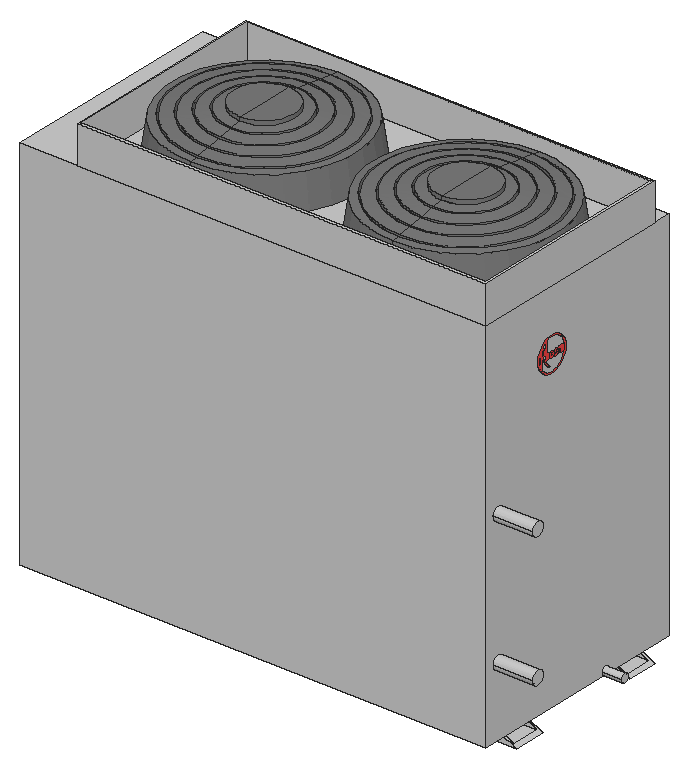
Revit family "Heat Pump-Rheem-A2W-16kW-Vertical", category Mechanical Equipment, Revit 2020
Family settings
  Round Connector Dimension = Use Radius
  Part Type = Normal
  OmniClass Number = 23.75.10.21
  OmniClass Title = Heat Pumps
  Work Plane-Based = No
  Always vertical = Yes
  Cut with Voids When Loaded = No
  Shared = No
  Room Calculation Point = No
Parameters (values of type "95201600")
  calcRightFanOffset = if(Show Fan Frame, 256 mm, 255 mm)  # 256 mm
  calcLeftFanOffset = if(Show Fan Frame, 280 mm, 281 mm)  # 280 mm
  calcFanGuardDepth = if(Show Fan Frame, 117 mm, 27 mm)  # 117 mm
  Width_ANZRS = 565 mm  # constant formula
  Wattage_ANZRS = 16 kW  # constant formula
  Voltage_ANZRS = 230 V
  URL = "https://www.rheem.com.au/products/commercial/commercial-heat-pumps"
  Type Comments = ""
  SupportInsetSide = 68 mm  # constant formula
  Show Fan Frame = yes
  ProductCode_ANZRS = "95201600"
  PowerFactor_ANZRS = 1
  PipeInsetSide = 35 mm  # constant formula
  OutletPipeDiameter = 32 mm  # constant formula
  calcOutletPipeRad = if(1 = 1, OutletPipeDiameter / 2, 0 mm)  # 16 mm
  Model = "Rheem Commercial Air to Water Heat Pump – 16kW Vertical Discharge & Ducted"
  Material_ANZRS = Rheem-Steel-Grey
  Manufacturer = "Rheem"  # constant formula
  Length_ANZRS = 1155 mm  # constant formula
  InletPipeDiameter = 32 mm  # constant formula
  calcInletPipeRadius = if(1 = 1, InletPipeDiameter / 2, 0 mm)  # 16 mm
  Height_ANZRS = if(Show Fan Frame, 1102 mm, 1011 mm)  # 1102 mm
  Description = "Rheem's Commercial Air to Water (A2W) Heat Pump is designed with the commercial user in mind. A truly commercial grade heat pump that delivers hot water at 65°C with a system Coefficient of Performance (COP) up to 4.0. Ducted models are designed to be connected to ducting to convey cold discharge air away from the heat pump air inlet if a sufficient supply of heat energy is not available in the installation area."
  Default Elevation = 0 mm
  CreatedBy_ANZRS = "Design Content"  # constant formula
  CreatedByURL_ANZRS = "https://www.designcontent.com.au/"
  Assembly Code = ""
  ApparentLoad_ANZRS = Wattage_ANZRS  # 16 kW
Types (2, lengths in mm): name | calcRightFanOffset | calcLeftFanOffset | calcFanGuardDepth | Show Fan Frame | ProductCode_ANZRS | Model | Height_ANZRS | Description
  95301600 | 255 | 281 | 27 | no | "95301600" | "Rheem Commercial Air to Water Heat Pump – 16kW Vertical Discharge & Non Ducted" | 1011 | "Rheem's Commercial Air to Water (A2W) Heat Pump is designed with the commercial user in mind. A truly commercial grade heat pump that delivers hot water at 65°C with a system Coefficient of Performance (COP) up to 4.0. Non ducted models are generally designed for outdoor installations. Non ducted models may be installed indoors, without ducting, if a sufficient supply of heat energy is available."
  95201600 | 256 | 280 | 117 | yes | "95201600" | "Rheem Commercial Air to Water Heat Pump – 16kW Vertical Discharge & Ducted" | 1102 | "Rheem's Commercial Air to Water (A2W) Heat Pump is designed with the commercial user in mind. A truly commercial grade heat pump that delivers hot water at 65°C with a system Coefficient of Performance (COP) up to 4.0. Ducted models are designed to be connected to ducting to convey cold discharge air away from the heat pump air inlet if a sufficient supply of heat energy is not available in the installation area."
Reference planes
  plane 1 "Center (Front/Back)": y = 0
  plane 2: z = 0
  plane 3 "Center (Left/Right)": x = 0
  plane 4 "Back": y = 282.5
  plane 5 "Front": y = -282.5
  plane 6 "Left": x = -577.5
  plane 7 "Right": x = 577.5
  plane 8: z = 49
  plane 9 "HEIGHT": z = 984
  plane 10 "Inlet": z = 223.5
  plane 11 "Outlet": z = 553.5
  plane 12: y = 280.5
  plane 13: x = 524.5
  plane 14: x = -472.5
  plane 15: x = 677.5
  plane 16 "Pipe Connectors": y = -247.5
  plane 17: x = -434.5
  plane 18: y = -214.5
  plane 19: y = 214.5
  plane 20 "CompAccess1": y = 143.5
  plane 21 "CompAccess2": y = -228.5
  plane 22: z = 24.5
  plane 23: x = 627.5
  plane 24: x = 598.5
  plane 25: z = 1078
Forms (mm)
  Extrusion 1, solid, material "Rheem-Steel-Grey" <- "Material_ANZRS", detail levels medium+fine
    sketch origin (0, 0, 0) x (1, 0, 0) y (0, 1, 0)
      loop
        line (-577.5, 280.5) -> (-577.5, -282.5) -> (577.5, -282.5) -> (577.5, 280.5) -> (-577.5, 280.5)
    from 49 to 984
  Extrusion 2, solid, material "Rheem-Steel-Grey" <- "Material_ANZRS", detail levels medium+fine
    sketch origin (0, 0, 0) x (1, 0, 0) y (0, 0, 1)
      loop
        line (-577.5, 984) -> (-577.5, 49) -> (-14.281, 49) -> (577.5, 49) -> (577.5, 984) -> (-577.5, 984)
      loop
        line (-472.5, 69) -> (6, 69) -> (6, 964) -> (-472.5, 964) -> (-472.5, 69)
      loop
        line (524.5, 964) -> (46, 964) -> (46, 69) -> (524.5, 69) -> (524.5, 964)
    from -282.5 to -280.5
  Extrusion 3, solid, material "Rheem-Steel-Grey" <- "Material_ANZRS"
    sketch origin (0, 111.908, 381.979) x (0, -1, 0) y (0, 0, 1)
      loop
        circle (359.408, -158.479) r 16
      loop
        circle (359.408, 171.521) r 16
    from -577.5 to -677.5
  Extrusion 4, solid, material "Rheem-Steel-Grey" <- "Material_ANZRS", visible <- "Show Fan Frame"
    sketch origin (0, -623.5, 984) x (-1, 0, 0) y (0, -1, 0)
      loop
        line (434.5, -862) -> (434.5, -341) -> (-577.5, -341) -> (-577.5, -862) -> (434.5, -862)
      loop
        line (429.5, -857) -> (429.5, -346) -> (-572.5, -346) -> (-572.5, -857) -> (429.5, -857)
    from 0 to 94
  Extrusion 5, solid, material "Rheem-Steel-Grey" <- "Material_ANZRS", detail levels medium+fine
    sketch origin (0, 0, 0) x (1, 0, 0) y (0, 0, 1)
      loop
        line (-577.5, 5) -> (-602.5, 5) -> (-602.5, 0) -> (-572.5, 0) -> (-572.5, 19.5) -> (-502.5, 19.5) -> (-502.5, 0) -> (-472.5, 0) -> (-472.5, 5) -> (-497.5, 5) -> (-497.5, 24.5) -> (-577.5, 24.5) -> (-577.5, 5)
    from -214.5 to 214.5
  Extrusion 6, solid, material "Rheem-Steel-Grey-Perforated", detail levels medium+fine
    sketch origin (-575, 357.5, 0) x (1, 0, 0) y (0, 0, -1)
      loop
        line (1099.5, -964) -> (1099.5, -69) -> (621, -69) -> (621, -964) -> (1099.5, -964)
      loop
        line (102.5, -69) -> (102.5, -964) -> (581, -964) -> (581, -69) -> (102.5, -69)
    from -77 to -75
  Extrusion 7, solid, material "Rheem-Steel-Grey" <- "Material_ANZRS"
    sketch origin (577.5, 0, 0) x (0, -1, 0) y (0, 0, -1)
      loop
        circle (-84.5, -59) r 10
    from 0 to 50
  Extrusion 8, solid, detail levels medium+fine
    sketch origin (-577.5, 0, 0) x (0, -1, 0) y (0, 0, 1)
      loop
        circle (255.5, 703.5) r 15
      loop
        circle (255.5, 653.5) r 15
      loop
        circle (255.5, 603.5) r 15
      loop
        circle (255.5, 553.5) r 15
    from 0 to 5
  Extrusion 9, solid, material "Rheem-Steel-Grey" <- "Material_ANZRS", detail levels coarse
    sketch origin (0, 0, 984) x (-1, 0, 0) y (0, -1, 0)
      loop
        line (577.5, -282.5) -> (577.5, 282.5) -> (-577.5, 282.5) -> (-577.5, -282.5) -> (577.5, -282.5)
    from -984 to 0
  Extrusion 10, solid, material "Rheem-Steel-Grey" <- "Material_ANZRS", detail levels medium+fine
    sketch origin (0, 0, 0) x (0, 1, 0) y (0, 0, 1)
      loop
        line (239.5, 49) -> (209.5, 49) -> (209.5, 29.5) -> (139.481, 29.5) -> (139.481, 49) -> (109.395, 49) -> (109.395, 44) -> (134.395, 44) -> (134.395, 24.5) -> (214.5, 24.5) -> (214.5, 44) -> (239.5, 44) -> (239.5, 49)
      loop
        line (-109.395, 49) -> (-139.395, 49) -> (-139.395, 29.5) -> (-209.414, 29.5) -> (-209.414, 49) -> (-239.5, 49) -> (-239.5, 44) -> (-214.5, 44) -> (-214.5, 24.5) -> (-134.395, 24.5) -> (-134.395, 44) -> (-109.395, 44) -> (-109.395, 49)
    from -577.5 to 598.5
  Extrusion 11, void
    sketch origin (0, 0, 0) x (1, 0, 0) y (0, 0, 1)
      loop
        line (-577.5, 24.5) -> (-524.96, 49) -> (-577.5, 49) -> (-577.5, 24.5)
      loop
        line (598.5, 24.5) -> (598.5, 49) -> (545.96, 49) -> (598.5, 24.5)
    from -239.5 to 239.5
Cuts and joins
  Extrusion 11 cuts Extrusion 1
  Extrusion 11 cuts Extrusion 2
  joined: Extrusion 1, Extrusion 2
  Extrusion 11 cuts Extrusion 10
Lines and regions (mm)
  Split face 1
    outline origin (-577.5, 280.5, 984) x (0, 1, 0) y (0, 0, -1)
      loop
        line (-137, 1) -> (-137, 934) -> (-509, 934) -> (-509, 1) -> (-137, 1)
  Split face 2
    outline origin (577.5, 280.5, 49) x (0, 1, 0) y (0, 0, 1)
      loop
        line (-497, 934) -> (-497, 1) -> (-225, 1) -> (-225, 934) -> (-497, 934)
  model lines, style "Heat Pumps", detail levels medium+fine
    curve 1: line (-340, -282.5, 849) -> (340, -282.5, 849)
    curve 2: line (-340, -282.5, 599) -> (340, -282.5, 599)
    curve 3: line (-340, -282.5, 184) -> (340, -282.5, 184)
    curve 4: line (-340, -282.5, 434) -> (340, -282.5, 434)
    curve 5: line (-420, -282.5, 769) -> (-420, -282.5, 679)
    curve 6: line (420, -282.5, 769) -> (420, -282.5, 679)
    curve 7: line (-420, -282.5, 354) -> (-420, -282.5, 264)
    curve 8: line (420, -282.5, 354) -> (420, -282.5, 264)
    curve 9: arc (-420, -282.5, 769) -> (-396.569, -282.5, 825.569) -> (-340, -282.5, 849) r 80
    curve 10: arc (-420, -282.5, 679) -> (-396.569, -282.5, 622.431) -> (-340, -282.5, 599) r 80
    curve 11: arc (340, -282.5, 599) -> (396.569, -282.5, 622.431) -> (420, -282.5, 679) r 80
    curve 12: arc (420, -282.5, 769) -> (396.569, -282.5, 825.569) -> (340, -282.5, 849) r 80
    curve 13: arc (340, -282.5, 434) -> (396.569, -282.5, 410.569) -> (420, -282.5, 354) r 80
    curve 14: arc (420, -282.5, 264) -> (396.569, -282.5, 207.431) -> (340, -282.5, 184) r 80
    curve 15: arc (-340, -282.5, 184) -> (-396.569, -282.5, 207.431) -> (-420, -282.5, 264) r 80
    curve 16: arc (-420, -282.5, 354) -> (-396.569, -282.5, 410.569) -> (-340, -282.5, 434) r 80
Dimensions and locks
  equal spacing: plane 6 "Left", plane 3 "Center (Left/Right)", plane 7 "Right"
  equal spacing: plane 4 "Back", plane 1 "Center (Front/Back)", plane 5 "Front"
  "Width_ANZRS": plane 4 "Back" to plane 5 "Front"
  "Length_ANZRS": plane 6 "Left" to plane 7 "Right"
  locked: plane 10 "Inlet" to plane 22 at 199
  locked: plane 11 "Outlet" to plane 10 "Inlet" at 330
  locked: plane 4 "Back" to plane 12 at 2
  locked: plane 8 to Extrusion 2 sketch curve at 20
  locked: Extrusion 2 sketch curve to plane 9 "HEIGHT" at 20
  locked: plane 15 to plane 7 "Right" at 100
  plane 17 to plane 7 "Right" = 1012 mm
  locked: plane 7 "Right" to Extrusion 4 sketch curve at 5
  locked: Extrusion 4 sketch curve to plane 17 at 5
  "PipeInsetSide": plane 5 "Front" to plane 16 "Pipe Connectors"
  Extrusion 5 sketch curve to plane 6 "Left" to Extrusion 5 sketch curve to Extrusion 5 sketch curve to Extrusion 5 sketch curve to Extrusion 5 sketch curve = 25 mm locked, 5 mm locked, 70 mm locked, 5 mm locked, 25 mm locked
  Extrusion 5 sketch curve to Extrusion 5 sketch curve to plane 2 = 0 mm locked, 5 mm locked
  "SupportInsetSide": plane 5 "Front" to plane 18
  "SupportInsetSide": plane 19 to plane 4 "Back"
  locked: plane 9 "HEIGHT" to Split face 1 sketch curve at 1
  locked: Split face 1 sketch curve to plane 8 at 1
  equal spacing: plane 20 "CompAccess1", nested 1, plane 21 "CompAccess2"
  plane 20 "CompAccess1" to plane 21 "CompAccess2" to plane 5 "Front" = 372 mm locked, 54 mm locked
  locked: plane 13 to plane 7 "Right" at 53
  locked: plane 6 "Left" to plane 14 at 105
  locked: plane 9 "HEIGHT" to plane 8 at 935
  equal spacing: plane 8, plane 22, plane 2
  locked: plane 22 to Extrusion 5 sketch curve at 5
  locked: plane 5 "Front" to Split face 2 sketch curve at 66
  locked: Split face 2 sketch curve to plane 4 "Back" at 227
  locked: plane 9 "HEIGHT" to Split face 2 sketch curve at 1
  locked: Split face 2 sketch curve to plane 8 at 1
  locked: Extrusion 7 sketch curve to plane 8 at 10
  equal spacing: plane 15, plane 23, plane 7 "Right"
  equal spacing: plane 21 "CompAccess2", Extrusion 8 sketch curve, plane 5 "Front"
  locked: plane 9 "HEIGHT" to nested 1 at 150
  locked: plane 8 to Extrusion 10 sketch curve at 5  (x2)
  locked: Extrusion 10 sketch curve to plane 22 at 5  (x2)
  Extrusion 10 sketch curve to plane 19 to Extrusion 10 sketch curve to Extrusion 10 sketch curve to Extrusion 10 sketch curve to Extrusion 10 sketch curve = 25 mm locked, 5 mm locked, 70.019 mm locked, 5.086 mm locked, 25 mm locked
  Extrusion 10 sketch curve to Extrusion 10 sketch curve to Extrusion 10 sketch curve to Extrusion 10 sketch curve to Extrusion 10 sketch curve to Extrusion 10 sketch curve = 25 mm locked, 5 mm locked, 70.019 mm locked, 5.086 mm locked, 25 mm locked
  locked: plane 6 "Left" to plane 24 at 1176
  plane 9 "HEIGHT" to nested 2 = 150 mm
  equal spacing: Split face 2, nested 2, Split face 2, locked at 136 each
  locked: Extrusion 4 sketch curve to Extrusion 4 sketch curve at 5  (x2)
  nested 3 to nested 4 to plane 7 "Right" = 500 mm locked, 258 mm locked
  equal spacing: Extrusion 4, nested 3, Extrusion 4
  locked: plane 25 to plane 9 "HEIGHT" at 94
  locked: Extrusion 7 sketch curve to plane 4 "Back" at 198
  "calcOutletPipeRad": radius of Extrusion 3 sketch curve
  "calcInletPipeRadius": radius of Extrusion 3 sketch curve
  aligned and locked: level to plane 2
  aligned and locked: Extrusion 1 sketch curve to plane 6 "Left"
  aligned and locked: Extrusion 1 sketch curve to plane 7 "Right"
  aligned and locked: plane 9 "HEIGHT" to Extrusion 1
  aligned and locked: Extrusion 1 to plane 8
  aligned and locked: plane 5 "Front" to Extrusion 1
  aligned and locked: Extrusion 1 sketch curve to plane 12
  aligned and locked: cut or joined group of Extrusion 1, Extrusion 2, Extrusion 11 to plane 12
  aligned and locked: plane 4 "Back" to cut or joined group of Extrusion 1, Extrusion 2, Extrusion 11
  aligned and locked: Extrusion 2 sketch curve to plane 13
  aligned and locked: plane 14 to Extrusion 2 sketch curve
  aligned and locked: Extrusion 4 sketch curve to plane 17
  aligned and locked: plane 7 "Right" to Extrusion 4 sketch curve
  aligned and locked: Extrusion 3 to plane 7 "Right"
  aligned and locked: Extrusion 5 sketch curve to plane 6 "Left"
  aligned and locked: plane 2 to Extrusion 5 sketch curve  (x2)
  aligned and locked: Extrusion 5 to plane 18
  aligned and locked: plane 19 to Extrusion 5
  aligned and locked: Split face 1 sketch curve to plane 21 "CompAccess2"
  aligned and locked: Split face 1 sketch curve to plane 20 "CompAccess1"
  aligned and locked: plane 11 "Outlet" to Extrusion 3 sketch curve
  aligned and locked: plane 16 "Pipe Connectors" to Extrusion 3 sketch curve  (x2)
  aligned and locked: plane 10 "Inlet" to Extrusion 3 sketch curve
  aligned and locked: Extrusion 6 to plane 13
  aligned and locked: plane 14 to Extrusion 6
  aligned and locked: Extrusion 6 to plane 12
  aligned and locked: plane 4 "Back" to Extrusion 6
  aligned and locked: cut or joined group of Extrusion 1, Extrusion 2, Extrusion 11 to Extrusion 6
  aligned and locked: Extrusion 6 to cut or joined group of Extrusion 1, Extrusion 2, Extrusion 11
  aligned and locked: Extrusion 2 sketch curve to Extrusion 6  (x2)
  aligned and locked: Extrusion 5 sketch curve to plane 22
  aligned and locked: Extrusion 7 to cut or joined group of Extrusion 1, Extrusion 2, Extrusion 11
  aligned and locked: plane 23 to Extrusion 7
  aligned and locked: Extrusion 8 to cut or joined group of Extrusion 1, Extrusion 2, Extrusion 11
  aligned and locked: Extrusion 9 sketch curve to plane 4 "Back"
  aligned and locked: Extrusion 9 sketch curve to plane 5 "Front"
  aligned and locked: Extrusion 9 sketch curve to plane 7 "Right"
  aligned and locked: Extrusion 9 sketch curve to plane 6 "Left"
  aligned and locked: Extrusion 9 to plane 2
  aligned and locked: Extrusion 10 sketch curve to plane 22  (x2)
  aligned and locked: plane 6 "Left" to Extrusion 10
  aligned and locked: plane 24 to Extrusion 10
  aligned and locked: plane 6 "Left" to Extrusion 11 sketch curve
  aligned and locked: plane 8 to Extrusion 11 sketch curve
  aligned and locked: Extrusion 11 to cut or joined group of Extrusion 10, Extrusion 11  (x2)
  aligned and locked: Extrusion 4 sketch curve to plane 5 "Front"
  aligned and locked: plane 9 "HEIGHT" to Extrusion 9
  aligned and locked: plane 25 to Extrusion 4
Automatic sketch dimensions
  plane 5 "Front" to Extrusion 1 sketch curve = 0 mm
  plane 6 "Left" to Extrusion 2 sketch curve = 0 mm
  Extrusion 2 sketch curve to plane 8 = 0 mm
  Extrusion 2 sketch curve to plane 7 "Right" = 0 mm
  Extrusion 2 sketch curve to plane 9 "HEIGHT" = 0 mm
  Extrusion 2 sketch curve to plane 3 "Center (Left/Right)" = 14.281 mm
  plane 8 to Extrusion 2 sketch curve = 20 mm
  Extrusion 2 sketch curve to plane 9 "HEIGHT" = 20 mm
  plane 19 to Extrusion 4 sketch curve = 19 mm
  plane 14 to Extrusion 6 sketch curve = 0 mm
  plane 13 to Extrusion 6 sketch curve = 0 mm
  plane 3 "Center (Left/Right)" to Extrusion 6 sketch curve = 6 mm
  Extrusion 6 sketch curve to plane 9 "HEIGHT" = 20 mm  (x2)
  Extrusion 6 sketch curve to Extrusion 6 sketch curve = 40 mm
  plane 8 to Extrusion 6 sketch curve = 20 mm  (x2)
  Extrusion 8 sketch curve to plane 11 "Outlet" = 0 mm
  Extrusion 8 sketch curve to plane 5 "Front" = 27 mm  (x3)
  Extrusion 8 sketch curve to Extrusion 8 sketch curve = 50 mm  (x3)
  Extrusion 10 sketch curve to plane 8 = 0 mm  (x4)
  Extrusion 10 sketch curve to plane 18 = 0 mm
  Extrusion 10 sketch curve to plane 19 = 0 mm
  Extrusion 10 sketch curve to plane 8 = 5 mm  (x2)
  Extrusion 11 sketch curve to plane 8 = 0 mm
  Extrusion 11 sketch curve to plane 22 = 0 mm  (x2)
  Extrusion 11 sketch curve to plane 24 = 0 mm
  plane 14 to Extrusion 11 sketch curve = 52.46 mm
  Extrusion 11 sketch curve to plane 13 = 21.46 mm
  curve 8 to Extrusion 1 = 157.5 mm
  curve 6 to Extrusion 1 = 157.5 mm
  curve 8 to curve 14 = 80 mm
  curve 8 to curve 13 = 80 mm
  curve 6 to curve 1 = 80 mm
  curve 11 to curve 2 = 80 mm
  Extrusion 1 to curve 9 = 237.5 mm
  curve 9 to curve 2 = 0 mm
  Extrusion 1 to curve 3 = 135 mm
  Extrusion 1 to curve 3 = 237.5 mm
  curve 16 to curve 15 = 0 mm
  curve 15 to curve 7 = 80 mm
  curve 10 to curve 5 = 80 mm
  curve 13 to curve 14 = 90 mm
  curve 2 to curve 4 = 165 mm
  curve 9 to curve 10 = 90 mm
  radius of Extrusion 7 sketch curve = 10 mm
  radius of Extrusion 8 sketch curve = 15 mm  (x4)
Nested families
  nested 1: "X_Rheem Logo" at (-577.5, -42.5, 834) x (0, -1, 0) z (-1, 0, 0), type "Standard", detail levels fine
  nested 2: "X_Rheem Logo" at (577.5, -80.5, 834) x (0, 1, 0) z (1, 0, 0), type "Standard", detail levels fine
  nested 3: "X_Rheem_FanGuard" at (-180.5, -22, 984), type "Standard"
    with FanGuardDepth 117 mm
  nested 4: "X_Rheem_FanGuard" at (319.5, -22, 984), type "Standard"
    with FanGuardDepth 117 mm
Connectors
  piping at (677.5, -247.5, 223.5), diameter 32, driven by "calcInletPipeRadius"
    settings: on Extrusion 3, index 9, connector inside diameter 20 mm, connector length 0 mm, flow factor 0, pipe flow 0.0 L/s, pressure drop 0.0 Pa, fitting loss kfactor 0, connector angle 0.00°, fixture units 0, engagement length 0 mm, angle of deflection 0.00°, flow configuration 1, flow direction 1, fitting loss method 0, system type 20, joint type 0, gender type 0, connector reference index -1, connector utility 0, adjustable connector no, is connector primary yes, connector description "Water In"
  piping at (677.5, -247.5, 553.5), diameter 32, driven by "calcOutletPipeRad"
    settings: on Extrusion 3, index 10, connector inside diameter 20 mm, connector length 0 mm, flow factor 0, pipe flow 0.0 L/s, pressure drop 0.0 Pa, fitting loss kfactor 0, connector angle 0.00°, fixture units 0, engagement length 0 mm, angle of deflection 0.00°, flow configuration 1, flow direction 2, fitting loss method 0, system type 19, joint type 0, gender type 0, connector reference index -1, connector utility 0, adjustable connector no, is connector primary no, connector description "Water Out"
  piping at (627.5, 84.5, 59), diameter 20
    settings: on Extrusion 7, index 11, connector inside diameter 609.6 mm, connector length 0 mm, flow factor 0, pipe flow 0.0 L/s, pressure drop 0.0 Pa, fitting loss kfactor 0, connector angle 0.00°, fixture units 0, engagement length 0 mm, angle of deflection 0.00°, flow configuration 1, flow direction 2, fitting loss method 0, system type 16, joint type 0, gender type 0, connector reference index -1, connector utility 0, adjustable connector no, is connector primary no, connector description ""
  electrical at (-577.5, -255.5, 703.5), driven by "Voltage_ANZRS", driven by "ApparentLoad_ANZRS", driven by "PowerFactor_ANZRS"
    settings: on Extrusion 8, index 12, voltage 230 V, apparent load 16 kW, apparent load phase1 0 kW, apparent load phase2 0 kW, apparent load phase3 0 kW, power factor 1, load classification "Power", number of poles 1, system type 30, power factor state 1, is connector primary yes, connector utility no, sub classification motor no, connector description ""
  electrical at (-577.5, -255.5, 653.5), driven by "Voltage_ANZRS", driven by "ApparentLoad_ANZRS", driven by "PowerFactor_ANZRS"
    settings: on Extrusion 8, index 13, voltage 230 V, apparent load 16 kW, apparent load phase1 0 kW, apparent load phase2 0 kW, apparent load phase3 0 kW, power factor 1, load classification "Power", number of poles 1, system type 30, power factor state 1, is connector primary no, connector utility no, sub classification motor no, connector description ""
  electrical at (-577.5, -255.5, 603.5), driven by "Voltage_ANZRS", driven by "ApparentLoad_ANZRS", driven by "PowerFactor_ANZRS"
    settings: on Extrusion 8, index 14, voltage 230 V, apparent load 16 kW, apparent load phase1 0 kW, apparent load phase2 0 kW, apparent load phase3 0 kW, power factor 1, load classification "Power", number of poles 1, system type 30, power factor state 1, is connector primary no, connector utility no, sub classification motor no, connector description ""
  electrical at (-577.5, -255.5, 553.5), driven by "Voltage_ANZRS", driven by "ApparentLoad_ANZRS", driven by "PowerFactor_ANZRS"
    settings: on Extrusion 8, index 15, voltage 230 V, apparent load 16 kW, apparent load phase1 0 kW, apparent load phase2 0 kW, apparent load phase3 0 kW, power factor 1, load classification "Power", number of poles 1, system type 30, power factor state 1, is connector primary no, connector utility no, sub classification motor no, connector description ""
Definition of nested family "X_Rheem Logo"
  Parameters (values of type "Standard")
    Default Elevation = 1219.2 mm
    Assembly Code = ""
  Reference planes
    plane 1 "Center (Front/Back)": y = 0
    plane 2: z = 0
    plane 3 "Center (Left/Right)": x = 0
  Forms (mm)
    Extrusion 1, solid
      sketch origin (0, 0, 0) x (1, 0, 0) y (0, 1, 0)
        loop
          line (-1219.2, 1219.2) -> (-1219.2, -1219.2) -> (1219.2, -1219.2) -> (1219.2, 1219.2) -> (-1219.2, 1219.2)
      from 0 to -304.8
    Extrusion 2, solid
      sketch origin (0, 0, 0) x (1, 0, 0) y (0, 1, 0)
        loop
          arc (-33.529, -21.813) -> (38.36, -11.338) -> (-16.283, 36.536) r 40
          line (-16.283, 36.536) -> (-16.283, 5.397)
          arc (-16.283, 5.397) -> (-14.75, 6.901) -> (-12.662, 7.405) r 4.033
          arc (-12.662, 7.405) -> (-9.852, 6.403) -> (-8.561, 3.712) r 3.918
          line (-8.561, 3.712) -> (-8.561, -8.033) -> (-11.525, -8.033) -> (-11.525, 1.806)
          arc (-11.525, 1.806) -> (-12.858, 4.057) -> (-15.428, 3.572) r 2.279
          arc (-15.428, 3.572) -> (-15.988, 2.759) -> (-16.246, 1.806) r 2.925
          line (-16.246, 1.806) -> (-16.246, -8.079) -> (-19.645, -8.079) -> (-19.645, 34.843)
          arc (-19.645, 34.843) -> (-26.644, 29.834) -> (-32.41, 23.444) r 40
          arc (-32.41, 23.444) -> (-21.103, 13.87) -> (-28.782, 1.2) r 11.411
          line (-28.782, 1.2) -> (-7.321, -24.919) -> (-11.462, -24.919) -> (-31.83, -0.131) -> (-31.83, -21.813) -> (-33.529, -21.813)
        loop
          line (-35.017, -19.335) -> (-35.017, 19.335)
          arc (-35.017, 19.335) -> (-40, 0) -> (-35.017, -19.335) r 40
        loop
          line (19.37, -8.097) -> (22.563, -8.097) -> (22.563, 2.258)
          spline (22.563, 2.258) -> (22.878, 3.103) -> (23.24, 3.526) -> (23.639, 3.818) -> (24.082, 3.997) -> (24.556, 4.074) -> (25.034, 4.068) -> (25.491, 3.983) -> (25.903, 3.817) -> (26.238, 3.56) -> (26.492, 3.191) -> (26.717, 2.639) -> (26.9, 1.6)
          line (26.9, 1.6) -> (26.9, -8.097) -> (29.854, -8.097) -> (29.854, 2.258)
          spline (29.854, 2.258) -> (30.181, 3.064) -> (30.553, 3.474) -> (30.969, 3.74) -> (31.419, 3.936) -> (31.889, 4.059) -> (32.364, 4.078) -> (32.821, 3.995) -> (33.233, 3.826) -> (33.568, 3.567) -> (33.822, 3.195) -> (34.048, 2.639) -> (34.231, 1.594)
          line (34.231, 1.594) -> (34.231, -8.097) -> (37.174, -8.097) -> (37.174, 3.718)
          spline (37.174, 3.718) -> (36.65, 5.383) -> (35.957, 6.159) -> (35.415, 6.563) -> (34.941, 6.826) -> (34.394, 7.032) -> (33.695, 7.17) -> (32.91, 7.2) -> (32.152, 7.119) -> (31.53, 6.952) -> (31.006, 6.67) -> (30.429, 6.179) -> (29.566, 5.166)
          spline (29.566, 5.166) -> (28.777, 6.078) -> (28.276, 6.494) -> (27.782, 6.788) -> (27.231, 7.014) -> (26.621, 7.177) -> (26.085, 7.261) -> (25.622, 7.26) -> (25.015, 7.185) -> (24.376, 7.012) -> (23.849, 6.722) -> (23.308, 6.304) -> (22.552, 5.275)
          line (22.552, 5.275) -> (22.552, 6.926) -> (19.37, 6.926) -> (19.37, -8.097)
        loop
          line (-4.051, 1.414) -> (2.029, 1.414)
          spline (2.029, 1.414) -> (1.473, 2.786) -> (1.087, 3.377) -> (0.673, 3.834) -> (0.205, 4.224) -> (-0.271, 4.485) -> (-0.868, 4.588) -> (-1.527, 4.548) -> (-2.06, 4.356) -> (-2.438, 4.033) -> (-2.865, 3.608) -> (-3.384, 2.906) -> (-4.051, 1.414)
        loop
          line (-4.095, -1.507) -> (5.029, -1.507)
          spline (5.029, -1.507) -> (4.769, 1.886) -> (4.1, 3.692) -> (3.083, 5.302) -> (1.664, 6.502) -> (-0.127, 7.316) -> (-1.72, 7.317) -> (-3.497, 6.614) -> (-4.898, 5.44) -> (-6.016, 3.817) -> (-6.693, 1.944) -> (-6.954, 0.058) -> (-6.657, -3.194)
          spline (-6.657, -3.194) -> (-5.711, -5.424) -> (-4.777, -6.63) -> (-3.808, -7.465) -> (-2.878, -7.994) -> (-1.873, -8.306) -> (-0.773, -8.411) -> (0.288, -8.278) -> (1.264, -7.907) -> (2.23, -7.346) -> (3.148, -6.594) -> (4.02, -5.578) -> (4.876, -3.596)
          line (4.876, -3.596) -> (1.705, -3.596)
          spline (1.705, -3.596) -> (0.883, -4.78) -> (0.307, -5.189) -> (-0.248, -5.429) -> (-0.802, -5.54) -> (-1.305, -5.525) -> (-1.909, -5.294) -> (-2.514, -4.923) -> (-2.921, -4.547) -> (-3.253, -4.098) -> (-3.591, -3.486) -> (-3.885, -2.641) -> (-4.095, -1.507)
        loop
          line (8.984, 1.152) -> (15.064, 1.152)
          spline (15.064, 1.152) -> (14.509, 2.524) -> (14.123, 3.116) -> (13.708, 3.573) -> (13.241, 3.962) -> (12.764, 4.224) -> (12.168, 4.327) -> (11.508, 4.287) -> (10.975, 4.095) -> (10.598, 3.771) -> (10.171, 3.347) -> (9.652, 2.645) -> (8.984, 1.152)
        loop
          line (8.973, -1.54) -> (18.097, -1.54)
          spline (18.097, -1.54) -> (17.837, 1.853) -> (17.168, 3.659) -> (16.151, 5.269) -> (14.732, 6.469) -> (12.941, 7.283) -> (11.348, 7.285) -> (9.571, 6.581) -> (8.17, 5.407) -> (7.052, 3.785) -> (6.375, 1.911) -> (6.114, 0.026) -> (6.412, -3.226)
          spline (6.412, -3.226) -> (7.357, -5.456) -> (8.291, -6.663) -> (9.26, -7.498) -> (10.191, -8.027) -> (11.195, -8.339) -> (12.295, -8.444) -> (13.356, -8.311) -> (14.332, -7.939) -> (15.298, -7.379) -> (16.217, -6.626) -> (17.088, -5.61) -> (17.944, -3.629)
          line (17.944, -3.629) -> (14.773, -3.629)
          spline (14.773, -3.629) -> (13.951, -4.813) -> (13.375, -5.222) -> (12.82, -5.462) -> (12.266, -5.573) -> (11.763, -5.557) -> (11.159, -5.326) -> (10.555, -4.955) -> (10.147, -4.58) -> (9.816, -4.131) -> (9.477, -3.519) -> (9.183, -2.673) -> (8.973, -1.54)
        loop
          circle (0, 0) r 43
        loop
          arc (-31.817, 3.841) -> (-24.154, 12.033) -> (-31.817, 20.226) r 8.211
          line (-31.817, 20.226) -> (-31.817, 3.841)
      from 0 to 1
  Dimensions and locks
    aligned and locked: plane 2 to Extrusion 1
    aligned and locked: level to Extrusion 1
Definition of nested family "X_Rheem_FanGuard"
  Parameters (values of type "Standard")
    Material = none
    FanGuardRad = 240 mm
    FanGuardHead = 10 mm
    FanGuardDepth = 133 mm
    Default Elevation = 1219.2 mm
  Reference planes
    plane 1 "Center (Front/Back)": y = 0
    plane 2: z = 0
    plane 3 "Center (Left/Right)": x = 0
    plane 4: z = 133
    plane 5: z = 123
    plane 6: y = 240
    plane 7: z = 66.5
    plane 8: z = 94.75
  Forms (mm)
    Extrusion 1, solid
      sketch origin (0, 0, 0) x (1, 0, 0) y (0, 1, 0)
        loop
          line (-1219.2, 1219.2) -> (-1219.2, -1219.2) -> (1219.2, -1219.2) -> (1219.2, 1219.2) -> (-1219.2, 1219.2)
      from 0 to -304.8
    Revolve 2, solid, material <- "Material", detail levels fine
      sketch origin (0, 0, 0) x (0, 1, 0) y (0, 0, 1)
        loop
          line (0, 133) -> (0, 0) -> (240, 0) -> (227.216, 94.75) -> (75, 123) -> (75, 133) -> (0, 133)
        axis (0, 133) -> (0, 0)
      angle from 0 to 360
    Extrusion 3, void
      sketch origin (0, 0, 0) x (1, 0, 0) y (0, 1, 0)
        loop
          circle (0, 0) r 100
        loop
          circle (0, 0) r 105
        loop
          circle (0, 0) r 135
        loop
          circle (0, 0) r 140
        loop
          circle (0, 0) r 170
        loop
          circle (0, 0) r 175
        loop
          circle (0, 0) r 205
        loop
          circle (0, 0) r 210
        loop
          circle (0, 0) r 240
        loop
          circle (0, 0) r 245
        loop
          circle (0, 0) r 275
        loop
          circle (0, 0) r 280
      from 0 to 133
    Extrusion 4, solid, material <- "Material", detail levels coarse+medium
      sketch origin (0, 0, 0) x (1, 0, 0) y (0, 1, 0)
        loop
          circle (0, 0) r 240
      from 0 to 133
  Cuts and joins
    Extrusion 3 cuts Revolve 2
  Dimensions and locks
    "FanGuardRad": plane 6 to plane 1 "Center (Front/Back)"
    "FanGuardDepth": plane 4 to plane 2
    "FanGuardHead": plane 4 to plane 5
    equal spacing: plane 4, plane 7, plane 2
    equal spacing: plane 5, plane 8, plane 7
    locked: plane 6 to Revolve 2 sketch curve at 12.784
    "FanGuardRad": radius of Extrusion 4 sketch curve
    aligned and locked: plane 2 to Extrusion 1
    aligned and locked: level to Extrusion 1
    aligned and locked: Revolve 2 sketch curve to plane 1 "Center (Front/Back)"
    aligned and locked: plane 4 to Extrusion 3
    aligned and locked: Extrusion 3 to level
    aligned and locked: plane 3 "Center (Left/Right)" to Extrusion 4 sketch curve
    aligned and locked: plane 1 "Center (Front/Back)" to Extrusion 4 sketch curve
    aligned and locked: Extrusion 4 to plane 4
    aligned and locked: Extrusion 4 to level
    aligned and locked: plane 8 to Revolve 2 sketch curve
  Automatic sketch dimensions
    Extrusion 1 sketch curve to Extrusion 1 sketch curve = 2438.4 mm  (x2)
    plane 1 "Center (Front/Back)" to Extrusion 3 sketch curve = 0 mm
    Extrusion 3 sketch curve to plane 3 "Center (Left/Right)" = 0 mm
    Revolve 2 sketch curve to plane 1 "Center (Front/Back)" = 0 mm
    Revolve 2 sketch curve to plane 4 = 0 mm
    Revolve 2 sketch curve to plane 5 = 0 mm
    Revolve 2 sketch curve to level = 0 mm
    Revolve 2 sketch curve to plane 6 = 0 mm
    Revolve 2 sketch curve to Revolve 2 sketch curve = 75 mm
    Revolve 2 sketch curve to Revolve 2 sketch curve = 500 mm
    Revolve 2 sketch curve to Revolve 2 sketch curve = 100 mm
    radius of Extrusion 3 sketch curve = 100 mm
